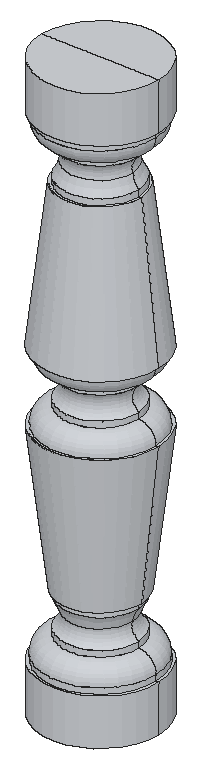
Revit family
Parameters (values of type "Balustrade R29")
  Width = 0' - 5 13/16"
  URL = "www.strombergarchitectural.com"
  Top Material = none
  Submittal Sheet = "www.strombergarchitectural.com/images/materials/gfrc/submittal/gfrc-submittal-sheet.pdf"
  Specifications = "www.strombergarchitectural.com/gfrcspecifications"
  Model Cut-sheet = "http://www.strombergarchitectural.com/products/balustrade/design/R29"
  Model = "Balustrade R29"
  Manufacturer = "Stromberg Architectural Products"
  Guidebook = "www.strombergarchitectural.com/images/materials/gfrc/handbooks/gfrc_guidebook.pdf   \r\n(http://www.strombergarchitectural.com/images/materials/gfrc/handbooks/gfrc_guidebook.pdf"
  Description = "GFRC Baluster"
  Assembly Code = ""
  Height = 2' - 5"
  XXX.5 = no
  XXX.4 = no
  XXX.3 = no
  XXX.2 = no
  XXX.1 = yes
Reference planes (in)
  plane 1 "Center (Front/Back)": y = 3.74847
  plane 2: z = 0
  plane 3 "Center (Left/Right)": x = 0.7278
  plane 4 "Front": y = -3.25153
  plane 5 "Back": y = 10.74847
Forms (in)
  Revolve 1, solid
    sketch origin (0, 3.74847, 0) x (1, 0, 0) y (0, 0, 1)
      loop
        line (-2.1722, 29) -> (-2.1722, 26.68) -> (-2.0272, 26.68) -> (-2.0272, 26.39)
        arc (-2.0272, 26.39) -> (-1.77238, 25.77482) -> (-1.1572, 25.52) r 0.87
        line (-1.1572, 25.52) -> (-1.1572, 25.23)
        arc (-1.1572, 25.23) -> (-0.89147, 24.87515) -> (-0.8672, 24.4325) r 0.76491
        arc (-0.8672, 24.4325) -> (-0.98292, 24.09324) -> (-1.1572, 23.78) r 2.0053
        line (-1.1572, 23.78) -> (-1.1572, 23.49) -> (-1.3022, 23.49) -> (-2.1722, 16.24) -> (-2.0272, 16.24)
        arc (-2.0272, 16.24) -> (-1.77238, 15.62482) -> (-1.1572, 15.37) r 0.87
        line (-1.1572, 15.37) -> (-1.1572, 15.08)
        arc (-1.1572, 15.08) -> (-0.8672, 14.5) -> (-1.1572, 13.92) r 0.725
        line (-1.1572, 13.92) -> (-1.1572, 13.63)
        arc (-1.1572, 13.63) -> (-1.77238, 13.37518) -> (-2.0272, 12.76) r 0.87
        line (-2.0272, 12.76) -> (-2.1722, 12.76) -> (-1.3022, 5.51) -> (-1.1572, 5.51) -> (-1.1572, 5.22)
        arc (-1.1572, 5.22) -> (-0.98292, 4.90676) -> (-0.8672, 4.5675) r 2.0053
        arc (-0.8672, 4.5675) -> (-0.89147, 4.12485) -> (-1.1572, 3.77) r 0.76491
        line (-1.1572, 3.77) -> (-1.1572, 3.48)
        arc (-1.1572, 3.48) -> (-1.77238, 3.22518) -> (-2.0272, 2.61) r 0.87
        line (-2.0272, 2.61) -> (-2.0272, 2.32) -> (-2.1722, 2.32) -> (-2.1722, 0) -> (0.7278, 0) -> (0.7278, 29) -> (-2.1722, 29)
      axis (0.7278, 29) -> (0.7278, 0)
    angle from 0 to 360
Dimensions and locks (in)
  aligned and locked: level to plane 2
